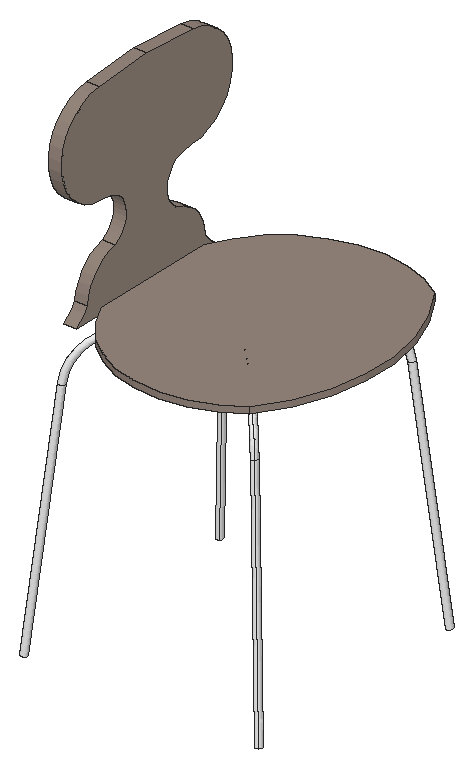
Revit family "Chair 1", category Furniture, Revit 2023
Family settings
  Work Plane-Based = No
  Enable Cutting in Views = No
  Always vertical = Yes
  Cut with Voids When Loaded = No
  Render Appearance Source = Family Geometry
  Shared = No
  Room Calculation Point = No
Parameters
  Keynote = "12600"
  Manufacturer = ""
  Default Elevation = 0 mm
  Bracket Material = Herman Miller - Finish 47 Trivalent Chrome
  Model = ""
  Cushion/Chair Back Material = Herman Miller - Veneer Z5 Maple
Reference planes
  plane 1 "Center F/B": y = -198.997
  plane 2: z = 0
  plane 3 "Center L/R": x = -1.022
Forms (mm)
  Sweep 1, solid, material "Herman Miller - Finish 47 Trivalent Chrome" <- "Bracket Material"
    path origin (61.052, -65.204, 45) x (0, 0, -1) y (0.707107, -0.707107, 0)
      loop
        line (45, -82.843) -> (-332.364, -36.508)
        arc (-332.364, -36.508) -> (-382.531, -10.114) -> (-402.615, 42.895) r 80
        line (-402.615, 42.895) -> (-402.615, 181.322)
    profile origin (18.855, -23.007, 188.682) x (-0.701836, 0.701836, 0.121869) y (-0.707107, -0.707107, 0)
      loop
        circle (0, 0) r 5
  Sweep 2, solid, material "Herman Miller - Finish 47 Trivalent Chrome" <- "Bracket Material"
    path origin (57.516, -325.168, 45) x (0, 0, -1) y (0.707107, 0.707107, 0)
      loop
        line (45, -82.843) -> (-332.364, -36.508)
        arc (-332.364, -36.508) -> (-382.531, -10.114) -> (-402.615, 42.895) r 80
        line (-402.615, 42.895) -> (-402.615, 181.322)
    profile origin (15.319, -367.364, 188.682) x (-0.701836, -0.701836, 0.121869) y (0.707107, -0.707107, 0)
      loop
        circle (0, 0) r 5
  Sweep 3, solid, material "Herman Miller - Finish 47 Trivalent Chrome" <- "Bracket Material"
    path origin (303.338, -65.204, 45) x (0, 0, -1) y (0.707107, 0.707107, 0)
      loop
        line (45, 82.843) -> (-332.364, 36.508)
        arc (-332.364, 36.508) -> (-382.531, 10.114) -> (-402.615, -42.895) r 80
        line (-402.615, -42.895) -> (-402.615, -181.322)
    profile origin (345.535, -23.007, 188.682) x (0.701836, 0.701836, 0.121869) y (-0.707107, 0.707107, 0)
      loop
        circle (0, 0) r 5
  Sweep 4, solid, material "Herman Miller - Finish 47 Trivalent Chrome" <- "Bracket Material"
    path origin (306.873, -325.168, 45) x (0, 0, -1) y (0.707107, -0.707107, 0)
      loop
        line (45, 82.843) -> (-332.364, 36.508)
        arc (-332.364, 36.508) -> (-382.531, 10.114) -> (-402.615, -42.895) r 80
        line (-402.615, -42.895) -> (-402.615, -181.322)
    profile origin (349.07, -367.364, 188.682) x (0.701836, -0.701836, 0.121869) y (0.707107, 0.707107, 0)
      loop
        circle (0, 0) r 5
  Extrusion 5, solid, material "Herman Miller - Veneer Z5 Maple" <- "Cushion/Chair Back Material"
    sketch origin (0, 0, 0) x (1, 0, 0) y (0, 1, 0)
      loop
        arc (340, -9.099) -> (152.776, 17.913) -> (32.728, -128.274) r 192.616
        line (32.728, -128.274) -> (32.728, -249.923)
        arc (32.728, -249.923) -> (152.776, -396.11) -> (340, -369.099) r 192.616
        arc (340, -369.099) -> (400.673, -189.099) -> (340, -9.099) r 297.34
    from 450 to 460
  Extrusion 6, solid, material "Herman Miller - Veneer Z5 Maple" <- "Cushion/Chair Back Material"
    sketch origin (390, -409.099, -27.081) x (0, 0, -1) y (0, 1, 0)
      loop
        arc (-498.809, 95.839) -> (-486.21, 86.065) -> (-477.081, 72.99) r 53.087
        line (-477.081, 72.99) -> (-477.081, 347.212)
        arc (-477.081, 347.212) -> (-486.21, 334.138) -> (-498.809, 324.364) r 53.087
        arc (-498.809, 324.364) -> (-539.073, 308.301) -> (-561.143, 270.989) r 67.175
        arc (-561.143, 270.989) -> (-601.737, 249.17) -> (-634.197, 281.887) r 38.521
        line (-634.197, 281.887) -> (-636.604, 298.938)
        arc (-636.604, 298.938) -> (-714.694, 376.726) -> (-796.127, 302.444) r 79.872
        line (-796.127, 302.444) -> (-802.584, 210.101) -> (-796.127, 117.759)
        arc (-796.127, 117.759) -> (-714.694, 43.477) -> (-636.604, 121.265) r 79.872
        line (-636.604, 121.265) -> (-634.197, 138.316)
        arc (-634.197, 138.316) -> (-601.737, 171.033) -> (-561.143, 149.213) r 38.521
        arc (-561.143, 149.213) -> (-539.073, 111.901) -> (-498.809, 95.839) r 67.175
    from -367.272 to -347.272
Dimensions and locks
  aligned and locked: plane 1 "Center F/B" to Extrusion 6
